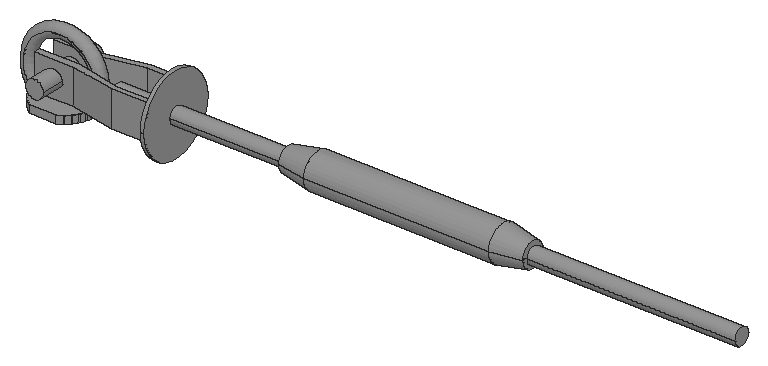
Revit family "LWplc_Latchwaysplc_FallArrestSystemGuidedAnchorLine_StarterSet", category Generic Models, host Face, Revit 2014
Parameters (values of type "ManSafe CFP - Starter Set")
  WarrantyStartDate [instance] = "1900-12-31T23:59:59"
  WarrantyGuarantorParts = "n/a"
  WarrantyGuarantorLabor = "n/a"
  WarrantyDurationUnit = "year"
  WarrantyDurationParts = "n/a"
  WarrantyDurationLabor = "n/a"
  WarrantyDescription = "n/a"
  Version = "1"  # constant formula
  Uniclass2 = "80-30-25/135"
  URL = "www.latchways.com"
  Type Comments = "n/a"
  TagNumber [instance] = "n/a"
  SystemManufacturer = "Latchways plc"  # constant formula
  SystemMaintenance = "Annual service to be completed by Latchways registered installers in accordance with BS7883:2005"  # constant formula
  SustainabilityPerformance = "n/a"
  StructuralAnchors = "n/a"
  Size = "36 x 454 x 49 mm"
  Shape = "n/a"
  SerialNumber [instance] = "n/a"
  Revision = "n/a"
  ReplacementCost = "n/a"
  Reference = "n/a"
  ProductInformation = "www.latchways.com/BIM/Latchways_ConstantForcePost_StartSet_TopComponents.pdf"
  PreInstallationSurvey = "Required"
  NominalWidth = 36 mm
  NominalLength = 454 mm
  NominalHeight = 49 mm
  Name = "FallArrestSystemGuidedAnchorLine_StartSet_Latchwaysplc"
  NBSTypeID = "n/a"
  NBSReference = "80-50-25/110"
  NBSOfficeMasterTag = "n/a"
  NBSNote = "n/a"
  NBSDescription = "Fall arrest system - guided anchor line"
  NBSCertification = "n/a"
  ModelReference = "Constant Force Post  - Start Set"
  ModelNumber = "n/a"
  Model = "n/a"
  Material = "n/a"
  ManufacturerURL = "www.latchways.com"
  ManufacturerName = "Latchways plc"
  Manufacturer = "info@latchways.com"
  ManSafeForRoofingBrochure = "www.latchways.com/BIM/MansafeForRoofing.pdf"
  InstallationDate [instance] = "1900-12-31T23:59:59"
  IfcExportType = "IfcTransportElement"  # constant formula
  IfcExportAs = "NOTDEFINED"  # constant formula
  Grade = "n/a"
  FireExit = no
  Finish = "n/a"
  Features = "n/a"
  ExpectedLife = "n/a"
  DurationUnit = "year"
  Description = "Latchways ManSafe® for Roofing, using Constant Force posts"
  Default Elevation = 1219.2 mm
  ProductSpecification = "www.latchways.com/BIM/Latchways_Specification_ConstantForcePost.pdf"
  Constituents = "n/a"
  Color = "n/a"
  CodePerformance = "n/a"
  Category = "n/a"
  BarCode [instance] = "n/a"
  BIMObjectName = "LWplc_Latchwaysplc_FallArrestSystemGuidedAnchorLine_StarterSet"
  Author = "Latchways plc"  # constant formula
  AttachmentDeviceGuide = "www.latchways.com/BIM/Latchways_Attachment_Device_Guide.pdf"
  AssetType = "Fixed"
  AssetIdentifier [instance] = "n/a"
  Assembly Code = ""
  AncillaryEquipment = "n/a"
  AnchorLine = "n/a"
  AccessibilityPerformance = "n/a"
Reference planes
  plane 1 "Center (Front/Back)": y = 0
  plane 2: z = 0
  plane 3 "Center (Left/Right)": x = 0
  plane 4: x = 0
  plane 5: y = 0
Forms (mm)
  Extrusion 1, solid, not visible
    sketch origin (0, 0, 0) x (1, 0, 0) y (0, 1, 0)
      loop
        line (-1219.2, 1219.2) -> (-1219.2, -1219.2) -> (1219.2, -1219.2) -> (1219.2, 1219.2) -> (-1219.2, 1219.2)
    from 0 to -250
Lines and regions (mm)
  reference lines
    curve 1: line (0, 0, 0) -> (0, 0, 20.5)
Dimensions and locks
  nested 1 to nested 1 = 36 mm
  plane 4 to nested 2 = 454 mm
  aligned and locked: plane 2 to Extrusion 1
  aligned and locked: level to Extrusion 1
Nested families
  nested 1: "LWplc_CFP_Attachment_Ring" at (0, 0, 0), type "LWplc_CFP_Attachment_Ring"
  nested 2: "LWplc_CFP_Starter_Element" at (0, 0, 20.5), type "LWplc_CFP_Starter_Element"
Definition of nested family "LWplc_CFP_Attachment_Ring"
  Reference planes
    plane 1 "Center (Front/Back)": y = 0
    plane 2: z = 0
    plane 3 "Center (Left/Right)": x = 0
  Forms (mm)
    Extrusion 1, solid, material "LWplc_Latchwaysplc_StainlessSteel_AISI304"
      sketch origin (0, 0, 0) x (1, 0, 0) y (0, 1, 0)
        loop
          arc (-8.718, 18) -> (-20, 0) -> (-8.718, -18) r 20
          line (-8.718, -18) -> (8.718, -18)
          arc (8.718, -18) -> (20, 0) -> (8.718, 18) r 20
          line (8.718, 18) -> (-8.718, 18)
      from 0 to 5
    Sweep 2, solid, material "LWplc_Latchwaysplc_StainlessSteel_AISI304"
      path in 3D
        loop
          arc (16.674, 0, 3.238) -> (-0.004, 0, 44.5) -> (-16.669, 0, 3.233) r 24
      profile origin (-0.004, 0, 44.5) x (0.000154, 0, -1) y (0, -1, 0)
        loop
          line (0, -4.5) -> (0, 4.5)
          spline (0, 4.5) -> (-1.164, 4.347) -> (-2.25, 3.897) -> (-3.182, 3.182) -> (-3.897, 2.25) -> (-4.346, 1.165) -> (-4.5, 0) -> (-4.346, -1.165) -> (-3.897, -2.25) -> (-3.182, -3.182) -> (-2.25, -3.897) -> (-1.164, -4.347) -> (0, -4.5)
    Extrusion 3, solid, material "LWplc_Latchwaysplc_StainlessSteel_AISI304"
      sketch origin (0, 0, 0) x (1, 0, 0) y (0, 1, 0)
        loop
          arc (-8.718, 18) -> (-20, 0) -> (-8.718, -18) r 20
          line (-8.718, -18) -> (8.718, -18)
          arc (8.718, -18) -> (20, 0) -> (8.718, 18) r 20
          line (8.718, 18) -> (-8.718, 18)
      from 0 to 5
    Sweep 4, solid, material "LWplc_Latchwaysplc_StainlessSteel_AISI304"
      path in 3D
        loop
          arc (12.48, 0, 0) -> (0, 0, 44.5) -> (-12.48, 0, 0) r 24
      profile origin (0, 0, 44.5) x (0, 0, -1) y (0, -1, 0)
        loop
          line (0, 0) -> (0, -4.5)
          arc (0, -4.5) -> (4.5, 0) -> (0, 4.5) r 4.5
          line (0, 4.5) -> (0, 0)
  Cuts and joins
    joined: Extrusion 1, Sweep 2, Sweep 4
  Lines and regions (mm)
    model lines
      curve 1: line (-8.718, 18, 0) -> (8.718, 18, 0)
      curve 2: line (-8.718, -18, 0) -> (8.718, -18, 0)
      curve 3: arc (-8.718, 18, 0) -> (-20, 0, 0) -> (-8.718, -18, 0) r 20
      curve 5: circle (0, 0, 0) r 7 normal (0, 0, 1)
      curve 7: arc (8.718, 18, 0) -> (20, 0, 0) -> (8.718, -18, 0) r 20
    sketch lines
      curve 4: arc (16.674, 0, 3.238) -> (-0.004, 0, 44.5) -> (-16.669, 0, 3.233) r 24
      curve 8: arc (12.48, 0, 0) -> (0, 0, 44.5) -> (-12.48, 0, 0) r 24
    reference lines
      curve 6: circle (0, 0, 20.5) r 6 normal (0, -1, 0)
    model lines, detail levels medium+fine
      curve 9: circle (0, 0, 5) r 7 normal (0, 0, 1)
  Dimensions and locks
    aligned and locked: level to plane 2
Definition of nested family "LWplc_CFP_Starter_Element"
  Reference planes
    plane 1 "Center (Front/Back)": y = 0
    plane 2: z = 0
    plane 3 "Center (Left/Right)": x = 0
  Forms (mm)
    Extrusion 1, solid, material "LWplc_Latchwaysplc_StainlessSteel_AISI304", detail levels medium+fine
      sketch origin (0, 0, 0) x (1, 0, 0) y (0, 0, 1)
        loop
          circle (0, 0) r 6
      from -25 to 25
    Extrusion 2, solid, material "LWplc_Latchwaysplc_StainlessSteel_AISI304"
      sketch origin (0, 0, 0) x (1, 0, 0) y (0, 1, 0)
        loop
          line (-12, -6) -> (-12, -10) -> (13.585, -10) -> (44.585, -16.5) -> (72, -16.5) -> (72, 16.5) -> (44.585, 16.5) -> (13.585, 10) -> (-12, 10) -> (-12, 6) -> (14, 6) -> (45, 12.5) -> (68, 12.5) -> (68, -12.5) -> (45, -12.5) -> (14, -6) -> (-12, -6)
      from -12 to 12
    Extrusion 3, solid, material "LWplc_Latchwaysplc_StainlessSteel_Brushed"
      sketch origin (61, 10, 0) x (0, -0.5, -0.866025) y (0, -0.866025, 0.5)
        loop
          circle (5, 8.66) r 5.5
      from -393 to 25
    Extrusion 4, solid, material "LWplc_Latchwaysplc_StainlessSteel_AISI304", detail levels medium+fine
      sketch origin (72, 10.5, 0) x (0, -1, 0) y (0, 0, -1)
        loop
          circle (10.5, 0) r 26.5
      from 0 to 2.5
    Revolve 5, solid, material "LWplc_Latchwaysplc_StainlessSteel_Polished", detail levels medium+fine
      sketch origin (0, 0, 0) x (1, 0, 0) y (0, 1, 0)
        loop
          line (314, 8.25) -> (294, 12) -> (170, 12) -> (150, 8.25) -> (150, 0) -> (314, 0) -> (314, 8.25)
        axis (150, 0) -> (314, 0)
      angle from 0 to 360
  Lines and regions (mm)
    reference lines
      curve 1: line (0, 0, 0) -> (150, 0, 0)
      curve 2: line (0, 10, 0) -> (0, -10, 0)
      curve 8: line (150, 0, 0) -> (314, 0, 0)
      curve 9: line (314, 0, 0) -> (454, 0, 0)
    model lines
      curve 3: circle (454, 0, 0) r 5.5 normal (-1, 0, 0)
      curve 4: line (72, 0, 12) -> (72, 0, -12)
      curve 5: circle (150, 0, 0) r 5.5 normal (1, 0, 0)
      curve 6: circle (314, 0, 0) r 5.5 normal (1, 0, 0)
      curve 7: circle (150, 0, 0) r 5.5 normal (-1, 0, 0)
    model lines, detail levels medium+fine
      curve 10: circle (454, 0, 0) r 4 normal (-1, 0, 0)
  Dimensions and locks
    aligned and locked: level to plane 2
